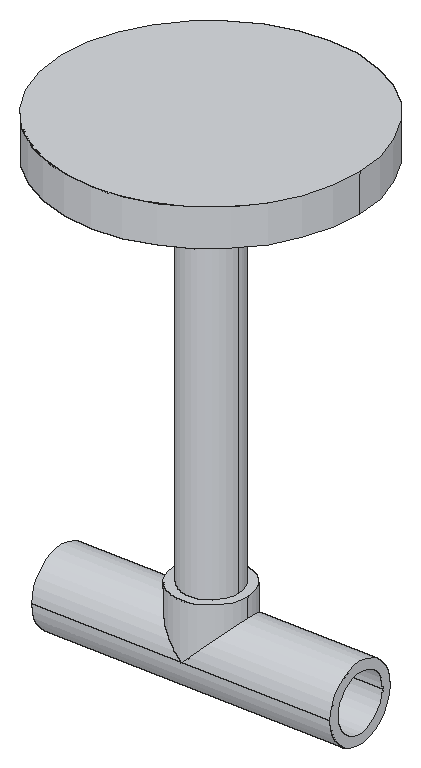
Revit family "96a8b2bcb65b49339f395dd5645be6c0", category Pipe Accessories, Revit 2021
Family settings
  Round Connector Dimension = Use Radius
  Part Type = Valve - Breaks Into
  OmniClass Number = 23.65.55.14.17
  OmniClass Title = Adjusting/Controlling Valves for Liquid Services
  Seek Item ID = Globe Valve - 0.375-2 Inch - Threaded-0000-USA-ENU
  Work Plane-Based = No
  Always vertical = Yes
  Cut with Voids When Loaded = No
  Shared = No
Parameters (values of type "3/8"")
  Valve Material = none
  Stem Radius = 0' - 0 3/16"
  Stem Diameter = Stem Radius * 2  # 0' - 0 3/8"
  Pipe Radius = 0' - 0 1/4"
  Pipe Length = 0' - 2"
  Pipe Diameter = Pipe Radius * 2  # 0' - 0 1/2"
  Overall Height = 0' - 3 3/16"
  Nominal Radius = 3/16"
  Nominal Diameter = Nominal Radius * 2  # 3/8"
  K Coefficient = 20
  Hand Wheel Thickness = 0' - 0 1/4"
  Hand Wheel Radius = 0' - 1"
  Hand Wheel Material = none
  Hand Wheel Diameter = Hand Wheel Radius * 2  # 0' - 2"
  Half Pipe Length = Pipe Length * 0.5  # 0' - 1"
  Default Elevation = 0' - 0"
  Bonnet Radius = 0' - 0 1/4"
  Bonnet Height = 0' - 0 3/8"
  Bonnet Diameter = Bonnet Radius * 2  # 0' - 0 1/2"
Types (8): name | Stem Radius | Stem Diameter | Pipe Radius | Pipe Length | Pipe Diameter | Overall Height | Nominal Radius | Nominal Diameter | K Coefficient | Hand Wheel Thickness | Hand Wheel Radius | Hand Wheel Diameter | Half Pipe Length | Bonnet Radius | Bonnet Height | Bonnet Diameter
  (no name) | 0' - 0 3/16" | 0' - 0 3/8" | 0' - 0 1/4" | 0' - 2" | 0' - 0 1/2" | 0' - 3 3/16" | 3/16" | 3/8" | 20 | 0' - 0 1/4" | 0' - 1" | 0' - 2" | 0' - 1" | 0' - 0 1/4" | 0' - 0 3/8" | 0' - 0 1/2"
  1" | 0' - 0 1/4" | 0' - 0 1/2" | 0' - 0 5/8" | 0' - 3 11/16" | 0' - 1 1/4" | 0' - 4 3/8" | 1/2" | 1" | 9 | 0' - 0 3/8" | 0' - 1 3/8" | 0' - 2 3/4" | 0' - 1 27/32" | 0' - 0 5/8" | 0' - 0 15/16" | 0' - 1 1/4"
  1/2" | 0' - 0 7/32" | 0' - 0 7/16" | 0' - 0 5/16" | 0' - 2 3/8" | 0' - 0 5/8" | 0' - 3 3/4" | 1/4" | 1/2" | 14 | 0' - 0 5/16" | 0' - 1 7/32" | 0' - 2 7/16" | 0' - 1 3/16" | 0' - 0 5/16" | 0' - 0 1/2" | 0' - 0 5/8"
  1 1/2" | 0' - 0 11/32" | 0' - 0 11/16" | 0' - 0 15/16" | 0' - 4 3/4" | 0' - 1 7/8" | 0' - 5 5/8" | 3/4" | 1 1/2" | 8 | 0' - 0 7/16" | 0' - 1 3/4" | 0' - 3 1/2" | 0' - 2 3/8" | 0' - 0 15/16" | 0' - 1 3/8" | 0' - 1 7/8"
  1 1/4" | 0' - 0 9/32" | 0' - 0 9/16" | 0' - 0 25/32" | 0' - 4 3/16" | 0' - 1 9/16" | 0' - 5 1/8" | 5/8" | 1 1/4" | 8.5 | 0' - 0 3/8" | 0' - 1 9/16" | 0' - 3 1/8" | 0' - 2 3/32" | 0' - 0 25/32" | 0' - 1 3/16" | 0' - 1 9/16"
  2" | 0' - 0 3/8" | 0' - 0 3/4" | 0' - 1 1/4" | 0' - 5 15/16" | 0' - 2 1/2" | 0' - 6 11/16" | 1" | 2" | 7 | 0' - 0 1/2" | 0' - 2" | 0' - 4" | 0' - 2 31/32" | 0' - 1 1/4" | 0' - 1 7/8" | 0' - 2 1/2"
  3/8" | 0' - 0 3/16" | 0' - 0 3/8" | 0' - 0 1/4" | 0' - 2" | 0' - 0 1/2" | 0' - 3 3/16" | 3/16" | 3/8" | 20 | 0' - 0 1/4" | 0' - 1" | 0' - 2" | 0' - 1" | 0' - 0 1/4" | 0' - 0 3/8" | 0' - 0 1/2"
  3/4" | 0' - 0 1/4" | 0' - 0 1/2" | 0' - 0 15/32" | 0' - 3 3/16" | 0' - 0 15/16" | 0' - 4" | 3/8" | 3/4" | 10 | 0' - 0 5/16" | 0' - 1 1/4" | 0' - 2 1/2" | 0' - 1 19/32" | 0' - 0 15/32" | 0' - 0 3/4" | 0' - 0 15/16"
Reference planes (in)
  plane 1 "Center (Front/Back)": y = 0
  plane 2: z = 0
  plane 3 "Center (Left/Right)": x = 0
  plane 4: x = -1
  plane 5: x = 1
  plane 6: z = 0.375
  plane 7: z = 3.1875
  plane 8: z = 2.9375
  plane 9: y = 0.25
  plane 10: y = -0.25
Forms (in)
  Extrusion 1, solid, material <- "Valve Material", detail levels fine
    sketch origin (0, 1, 0) x (0, 1, 0) y (0, 0, 1)
      loop
        circle (-1, 0) r 0.25
    from -1 to 1
  Extrusion 2, void
    sketch origin (0, 0, 0) x (0, 1, 0) y (0, 0, 1)
      loop
        circle (0, 0) r 0.1875
    from -1 to 1
  Extrusion 3, solid, material <- "Valve Material", detail levels fine
    sketch origin (0, 0, 0) x (1, 0, 0) y (0, 1, 0)
      loop
        circle (0, 0) r 0.25
    from 0 to 0.375
  Extrusion 4, solid, material <- "Valve Material", detail levels fine
    sketch origin (0, 0, 0) x (1, 0, 0) y (0, 1, 0)
      loop
        circle (0, 0) r 0.1875
    from 0.375 to 2.9375
  Extrusion 5, solid, material <- "Hand Wheel Material", detail levels fine
    sketch origin (0, 0, 0) x (1, 0, 0) y (0, 1, 0)
      loop
        circle (0, 0) r 1
    from 2.9375 to 3.1875
Cuts and joins
  Extrusion 2 cuts Extrusion 1
  joined: Extrusion 3, Extrusion 4
Lines and regions (in)
  model lines, detail levels coarse+medium
    curve 1: circle (0, 0, 0) r 0.1875 normal (0, 0, 1)
    curve 2: line (-1, 0.25, 0) -> (-1, -0.25, 0)
    curve 3: line (1, 0.25, 0) -> (1, -0.25, 0)
    curve 4: line (-1, 0.25, 0) -> (1, -0.25, 0)
    curve 5: line (1, 0.25, 0) -> (-1, -0.25, 0)
Dimensions and locks (in)
  equal spacing: plane 4, plane 3 "Center (Left/Right)", plane 5
  "Half Pipe Length": plane 4 to plane 3 "Center (Left/Right)"
  "Bonnet Height": plane 6 to plane 2
  "Overall Height": plane 7 to plane 2
  "Hand Wheel Thickness": plane 7 to plane 8
  equal spacing: plane 9, plane 1 "Center (Front/Back)", plane 10
  "Pipe Radius": plane 9 to plane 1 "Center (Front/Back)"
  "Pipe Radius": radius of Extrusion 1 sketch curve
  "Nominal Radius": radius of Extrusion 2 sketch curve
  "Bonnet Radius": radius of Extrusion 3 sketch curve
  "Stem Radius": radius of Extrusion 4 sketch curve
  "Hand Wheel Radius": radius of Extrusion 5 sketch curve
  "Stem Radius": radius of curve 1
  aligned and locked: plane 1 "Center (Front/Back)" to Extrusion 1 sketch curve
  aligned and locked: plane 2 to Extrusion 1 sketch curve
  aligned and locked: Extrusion 1 to plane 4
  aligned and locked: plane 5 to Extrusion 1
  aligned and locked: plane 1 "Center (Front/Back)" to Extrusion 2 sketch curve
  aligned and locked: plane 2 to Extrusion 2 sketch curve
  aligned and locked: Extrusion 2 to plane 4
  aligned and locked: plane 5 to Extrusion 2
  aligned and locked: plane 3 "Center (Left/Right)" to Extrusion 3 sketch curve
  aligned and locked: plane 1 "Center (Front/Back)" to Extrusion 3 sketch curve
  aligned and locked: Extrusion 3 to plane 2
  aligned and locked: plane 6 to Extrusion 3
  aligned and locked: plane 3 "Center (Left/Right)" to Extrusion 4 sketch curve
  aligned and locked: plane 1 "Center (Front/Back)" to Extrusion 4 sketch curve
  aligned and locked: Extrusion 4 to plane 6
  aligned and locked: plane 8 to Extrusion 4
  aligned and locked: plane 3 "Center (Left/Right)" to Extrusion 5 sketch curve
  aligned and locked: plane 1 "Center (Front/Back)" to Extrusion 5 sketch curve
  aligned and locked: plane 7 to Extrusion 5
  aligned and locked: Extrusion 5 to plane 8
  aligned and locked: cut or joined group of Extrusion 1, Extrusion 2 to plane 4
  aligned and locked: plane 5 to cut or joined group of Extrusion 1, Extrusion 2
  aligned and locked: plane 3 "Center (Left/Right)" to curve 1
  aligned and locked: plane 1 "Center (Front/Back)" to nested 1
  aligned and locked: plane 10 to cut or joined group of Extrusion 1, Extrusion 2
  aligned and locked: curve 2 to plane 4
  aligned and locked: plane 9 to curve 2
  aligned and locked: plane 9 to curve 3
  aligned and locked: plane 10 to curve 3
  aligned and locked: plane 5 to curve 5
  aligned and locked: plane 5 to curve 4
  aligned and locked: plane 4 to curve 5
  aligned and locked: plane 10 to curve 5
Automatic sketch dimensions
  curve 1 to plane 1 "Center (Front/Back)" = 0' - 0"
Nested families (in)
  nested 1: "Valve Symbol" at (0, 0, 0), type "Valve Symbol", detail levels coarse+medium
Connectors (in)
  piping at (-1, 0, 0), diameter 0.375, driven by "Nominal Radius"
    settings: on cut or joined group of Extrusion 1, Extrusion 2, index 1, connector inside diameter 3/8", connector length 0' - 0", flow factor 0, pipe flow 0 GPM, pressure drop 0.00 psi, fitting loss kfactor 0, connector angle 0.00°, fixture units 0, engagement length 0' - 0", angle of deflection 0.00°, flow configuration 0, flow direction 0, fitting loss method 2, system type 29, joint type 0, gender type 0, connector reference index 2, connector utility 0, adjustable connector no, is connector primary yes, connector description ""
  piping at (1, 0, 0), diameter 0.375, driven by "Nominal Radius", driven by "K Coefficient"
    settings: on cut or joined group of Extrusion 1, Extrusion 2, index 2, connector inside diameter 3/8", connector length 0' - 0", flow factor 0, pipe flow 0 GPM, pressure drop 0.00 psi, fitting loss kfactor 20, connector angle 0.00°, fixture units 0, engagement length 0' - 0", angle of deflection 0.00°, flow configuration 0, flow direction 0, fitting loss method 2, system type 29, joint type 0, gender type 0, connector reference index 1, connector utility 0, adjustable connector no, is connector primary no, connector description ""
Definition of nested family "Valve Symbol"
  Parameters
    Radius = 3' - 4"
  Reference planes (in)
    plane 1 "Center (Front/Back)": y = 0
    plane 2: z = 0
    plane 3 "Center (Left/Right)": x = 0
  Lines and regions (in)
    Filled region 1, type "Solid Fill - Black", in view "Ref. Level"
      outline origin (0, 0, 0) x (1, 0, 0) y (0, 1, 0)
        loop
          circle (0, 0) r 40
  Dimensions and locks (in)
    "Radius": radius of Filled region 1 sketch curve
  Automatic sketch dimensions
    Filled region 1 sketch curve to plane 1 "Center (Front/Back)" = 0' - 0"
    Filled region 1 sketch curve to plane 3 "Center (Left/Right)" = 0' - 0"
